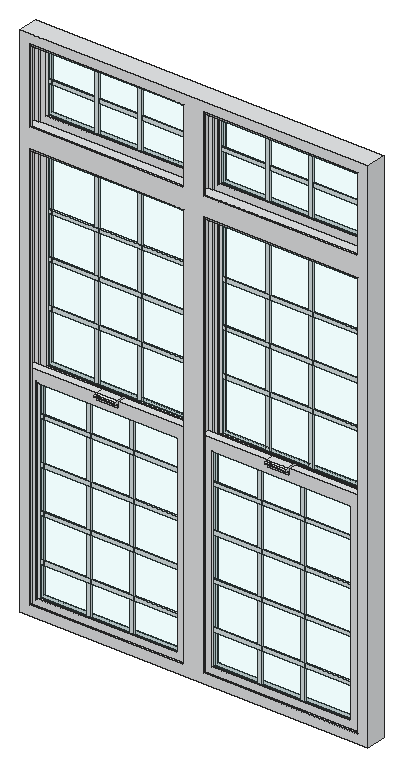
Revit family "Windows_Single-Hung_Milgard_Tuscany-Montecito-Series_Double-Single-Hung-2-Pictures-Above", category Windows, host Wall, Revit 2017
Family settings
  Host = Wall
  OmniClass Number = 23.30.20.17.17.11
  OmniClass Title = Single-Hung Windows
  Always vertical = Yes
  Cut with Voids When Loaded = No
  Shared = No
  Room Calculation Point = No
Parameters (values of type "96" x 84"")
  Youtube clip = "https://www.youtube.com/watch?v=kTycgURMhFo&list=PL_Ow8HQ0-gw77aRiTrPBSI0--vocwVnzV&index=1"
  Weight Net (Kg) = ""
  Upper Grid Height [instance] = ((Height - Picture Height) / 2) - 2 5/8" - 23/32"  # 31 5/32"
  Uniformat II Description = "Exterior Windows"
  Uniformat II Code = "B2020"
  Uniclass 2015 Name = ""
  Uniclass 2015 Code = ""
  Uniclass 2.0 Description = ""
  Uniclass 2.0 Code = ""
  Uniclass 1.4 Description = ""
  Uniclass 1.4 Code = ""
  URL = "www.milgard.com"
  UNSPSC Code = ""
  U Values URL = "https://www.milgard.com/professionals/energy-calculator"
  Technical description = "https://www.milgard.com/professionals/technical-resources?doc_type%5B%5D=48"
  Style = "Double Single Hung with Two Picture Windows Above"  # constant formula
  Solar Heat Gain Coefficient = 0
  Sash Division = Height / 2  # 42"
  Rough Width = Width + 1"  # 57"
  Rough Height = Height + 1"  # 85"
  Region South America = "None"
  Region Oceania = "None"
  Region North America = "CA, US"
  Region Middle East = "None"
  Region Europe = "None"
  Region Asia = "None"
  Region Antarctica = "None"
  Region Africa = "None"
  QR code = "http://bimobject.com/milgardwindowsanddoors/product/milgard-001"
  Product url = "http://www.milgard.com/windows/tuscany-series/tuscany-series-single-hung-window"
  Product group = "Tuscany™ Series"
  Product family = "Single-Hung Windows"
  Product data url = "https://bimobject.com/milgardwindowsanddoors/product/milgard-001"
  Product certification = "https://www.milgard.com/learn/why-milgard/sustainability"
  Product SKU = "milgard-001"
  Product Page URL = "https://www.milgard.com/windows/tuscany-series/tuscany-series-single-hung-window#series-styles--wrapper"
  Product Guid = "9f75bdfc-b521-4a0d-af9b-e80957409c86"
  Product Documentation Link = "https://www.milgard.com/professionals/technical-resources"
  Picture Height [instance] = 15"
  Picture Grid Height [instance] = Picture Height - (2 3/8" * 2)  # 10 1/4"
  OmniClass Description = "Plastic Single Hung Windows"
  OmniClass Code = "23-17 13 17 15"
  Nominal width = 0"
  Nominal height = 0"
  NBS Reference Description = ""
  NBS Reference Code = ""
  Model = "Tuscany® Series"  # constant formula
  Material secondary = "Glass"
  Material main = "Vinyl"
  Masterformat 2014 Description = "Vinyl Windows"
  Masterformat 2014 Code = "08 53 13"
  Manufacturer name = "Milgard Windows and Doors"
  Manufacturer country = "United States"
  Manufacturer = "® 2017 Milgard Manufacturing, Inc."  # constant formula
  Lower Grid Height [instance] = ((Height - Picture Height) / 2) - 2 3/8" - 5/32"  # 31 31/32"
  LEED Credit = ""
  Interior Frame Color [instance] = Paint - Milgard - White
  Installation instructions = "https://www.milgard.com/professionals/installation-finishing"
  IFC Classification = ""
  Height = 84"
  Has Triple Glazed [instance] = yes
  Has Grid [instance] = yes
  Hardware Color [instance] = Paint - Milgard - White
  Grid Widht = (Width / 2) - (2 5/8" * 2)  # 22 3/4"
  Grid Type [instance] = Grid-Milgard : Flat 5/8"
  Green Building LEED = "https://www.milgard.com/sites/default/files/leed.pdf"
  Glass Material [instance] = Glass - Milgard - P516
  Exterior Frame Color [instance] = Paint - Milgard - White
  Energy Star Zone = "https://www.milgard.com/learn/energy-efficient-windows/energy-star"
  Edition number = 1
  EAN code = ""
  Design country = "United States"
  Design Pressure = ""
  Description = "Vinyl Windows"  # constant formula
  Depth = 3 1/4"  # constant formula
  Default Sill Height = 36"
  Wall Closure = By host
  Width = 56"
  Date of publishing = "1/17/2017"
  COBIe Type Category = ""
  Brand url = "http://www.milgard.com/"
  BIMobject main category code = "windows"
  BIMobject main category = "Windows"
  BIMobject category code = "windows-hinge"
  BIMobject category = "Opening Hinge"
  Assembly Code = "B2020100"
  Approximated Vertical Grid Spacing = 7"
  Approximated Horizontal Grid Spacing = 7"
  Analytic Construction = "<None>"
Types (3): name | Upper Grid Height | Sash Division | Rough Width | Rough Height | Picture Height | Picture Grid Height | Lower Grid Height | Height | Grid Widht | Width
  56" x 60" | 19 5/32" | 30" | 57" | 61" | 15" | 10 1/4" | 19 31/32" | 60" | 22 3/4" | 56"
  36" x 60" | 21 21/32" | 30" | 37" | 61" | 10" | 5 1/4" | 22 15/32" | 60" | 12 3/4" | 36"
  96" x 84" | 31 5/32" | 42" | 57" | 85" | 15" | 10 1/4" | 31 31/32" | 84" | 22 3/4" | 56"
Reference planes (in)
  plane 1 "Center (Front/Back)": y = 4.75
  plane 2: z = 0
  plane 3 "Center (Left)": x = 0.624
  plane 4 "Left": x = -13.376
  plane 5 "Center (Left/Right)": x = 14.624
  plane 6 "Sill": z = 36
  plane 7 "Center Elevation": z = 70.5
  plane 8 "Interior": y = 3.125
  plane 9 "Exterior": y = 6.375
  plane 10: z = 70.35727
  plane 11: x = -11.01327
  plane 12: x = 12.26127
  plane 13: z = 38.36273
  plane 14: z = 71.75
  plane 15 "Grid CL Exterior": y = 5.5625
  plane 16 "Grid CL Interior": y = 3.9375
  plane 17: z = 36.97
  plane 18: x = -12.406
  plane 19: x = 13.654
  plane 20 "Picture Top": z = 120
  plane 21: z = 117.63727
  plane 22: z = 119.03
  plane 23 "Sash": z = 69.81907
  plane 24: x = 28.139
  plane 25: x = 42.624
  plane 26: x = 40.26127
  plane 27: x = 41.654
  plane 28: x = 16.98673
  plane 29: x = 15.594
  plane 30: z = 107.37273
  plane 31: z = 102.37727
  plane 32: z = 71.2118
  plane 33: z = 112.505
  plane 34: z = 86.79454
  plane 35: z = 54.36
  plane 36: z = 105
Forms (in)
  Sweep 1, solid, material "Paint - Milgard - White" <- "Exterior Frame Color", detail levels medium+fine
    path origin (0, 4.75, 0) x (1, 0, 0) y (0, 0, 1)
      loop
        line (-13.376, 36) -> (14.624, 36) -> (14.624, 120) -> (-13.376, 120) -> (-13.376, 36)
    profile origin (-13.376, 4.75, 78) x (-1, 0, 0) y (0, -1, 0)
      loop
        line (-1.54679, 1.625) -> (-1.72, 1.525) -> (-1.72, 1.44922) -> (-0.97, 1.44922) -> (-0.97, 0) -> (-1.72, 0) -> (-1.72, -0.27) -> (-0.97, -0.27) -> (-0.97, -1.19269) -> (-0.7204, -1.625) -> (0, -1.625) -> (0, 1.625) -> (-1.54679, 1.625)
  Sweep 2, solid, material "Paint - Milgard - White" <- "Exterior Frame Color", detail levels medium+fine
    path origin (0, 4.75, 0) x (1, 0, 0) y (0, 0, 1)
      loop
        line (-13.376, 103.125) -> (42.624, 103.125)
    profile origin (14.624, 4.75, 103.125) x (0, 0, 1) y (0, -1, 0)
      loop
        line (3.32679, 1.625) -> (0.17321, 1.625) -> (0, 1.525) -> (0, 1.38) -> (0.3755, 1.38) -> (0.3755, 0.10548) -> (0, 0.10548) -> (0, -0.20703) -> (0.645, -0.20703) -> (0.645, -1.05482) -> (0.9996, -1.625) -> (2.5004, -1.625) -> (2.855, -1.05482) -> (2.855, -0.17578) -> (3.5, -0.17578) -> (3.5, 1.525) -> (3.32679, 1.625)
  Sweep 3, solid, material "Paint - Milgard - White" <- "Exterior Frame Color", detail levels medium+fine
    path origin (45.998, 4.75, 0) x (-1, 0, 0) y (0, 0, 1)
      loop
        line (3.374, 36) -> (31.374, 36) -> (31.374, 120) -> (3.374, 120) -> (3.374, 36)
    profile origin (42.624, 4.75, 78) x (-1, 0, 0) y (0, -1, 0)
      loop
        line (1.54679, 1.625) -> (0, 1.625) -> (0, -1.625) -> (0.7204, -1.625) -> (0.97, -1.19269) -> (0.97, -0.27) -> (1.72, -0.27) -> (1.72, 0) -> (0.97, 0) -> (0.97, 1.44922) -> (1.72, 1.44922) -> (1.72, 1.525) -> (1.54679, 1.625)
  Sweep 4, solid, material "Paint - Milgard - White" <- "Exterior Frame Color", detail levels coarse
    path in 3D
      loop
        line (-13.376, 6.375, 36) -> (42.624, 6.375, 36)
    profile origin (14.624, 6.375, 36) x (0, 1, 0) y (0, 0, 1)
      loop
        line (0, 0) -> (0, 1.72) -> (-3.25, 1.72) -> (-3.25, 0) -> (0, 0)
  Extrusion 5, solid, material "Paint - Milgard - White", detail levels coarse
    sketch origin (-13.376, 3.125, 103.29821) x (1, 0, 0) y (0, 0, 1)
      loop
        line (0, 16.70179) -> (0, -67.29821) -> (56, -67.29821) -> (56, 16.70179) -> (0, 16.70179)
      loop
        line (2.88032, 13.82147) -> (2.88032, 4.59212) -> (25.11968, 4.59212) -> (25.11968, 13.82147) -> (2.88032, 13.82147)
      loop
        line (53.11968, 4.59212) -> (53.11968, 13.82147) -> (30.88032, 13.82147) -> (30.88032, 4.59212) -> (53.11968, 4.59212)
      loop
        line (53.11968, -31.56881) -> (53.11968, -1.43853) -> (30.88032, -1.43853) -> (30.88032, -31.56881) -> (53.11968, -31.56881)
      loop
        line (25.11968, -1.43853) -> (2.88032, -1.43853) -> (2.88032, -31.56881) -> (25.11968, -31.56881) -> (25.11968, -1.43853)
      loop
        line (2.88032, -64.41788) -> (25.11968, -64.41788) -> (25.11968, -33.45853) -> (2.88032, -33.45853) -> (2.88032, -64.41788)
      loop
        line (53.11968, -64.41788) -> (53.11968, -33.45853) -> (30.88032, -33.45853) -> (30.88032, -64.41788) -> (53.11968, -64.41788)
    from -3.25 to -0.01176
Cuts and joins
  joined: Sweep 1, Sweep 2, Sweep 3
Lines and regions (in)
  Opening 1
    outline origin (-60, -5.625, 0) x (1, 0, 0) y (0, 0, 1)
      loop
        line (46.624, 120) -> (46.624, 36) -> (102.624, 36) -> (102.624, 120) -> (46.624, 120)
  Masking region 1
    outline origin (0, 0, 0) x (1, 0, 0) y (0, 1, 0)
      loop
        line (-13.376, 6.375) -> (-13.376, 3.125) -> (42.624, 3.125) -> (42.624, 6.375) -> (-13.376, 6.375)
  symbolic lines, style "Windows", detail levels medium+fine
    curve 1: line (-12.406, 6.16797, 36) -> (13.654, 6.16797, 36)
    curve 2: line (-12.406, 3.30078, 36) -> (13.654, 3.30078, 36)
    curve 12: line (41.654, 6.16797, 36) -> (15.594, 6.16797, 36)
    curve 13: line (41.654, 3.30078, 36) -> (15.594, 3.30078, 36)
  symbolic lines, style "Windows"
    curve 3: line (-12.406, 4.75, 36) -> (13.654, 4.75, 36)
    curve 4: line (-12.406, 6.375, 36) -> (-12.406, 3.125, 36)
    curve 5: line (13.654, 6.375, 36) -> (13.654, 3.125, 36)
    curve 10: line (41.654, 6.375, 36) -> (41.654, 3.125, 36)
    curve 14: line (41.654, 4.75, 36) -> (15.594, 4.75, 36)
    curve 17: line (15.594, 6.375, 36) -> (15.594, 3.125, 36)
  symbolic lines, style "WindowsFrameMullionProjection", detail levels medium+fine
    curve 6: line (-11.01327, 6.16797, 36) -> (-11.01327, 3.30078, 36)
    curve 7: line (12.26127, 6.16797, 36) -> (12.26127, 3.30078, 36)
    curve 11: line (40.26127, 6.16797, 36) -> (40.26127, 3.30078, 36)
    curve 18: line (16.98673, 6.16797, 36) -> (16.98673, 3.30078, 36)
  symbolic lines, style "Windows", detail levels fine
    curve 8: line (-11.01327, 5.5625, 36) -> (12.26127, 5.5625, 36)
    curve 9: line (-11.01327, 3.9375, 36) -> (12.26127, 3.9375, 36)
    curve 15: line (40.26127, 5.5625, 36) -> (16.98673, 5.5625, 36)
    curve 16: line (40.26127, 3.9375, 36) -> (16.98673, 3.9375, 36)
  sketch lines
    curve 19: line (-13.376, 6.375, 36) -> (42.624, 6.375, 36)
Text (in)
  text "EXTERIOR" at (-61.17835, 22.13118, 0), in view "Ref. Level"
  text "INTERIOR" at (-61.17835, -12.83634, 0), in view "Ref. Level"
  text "Exterior" at (0, 43.65631, 123.19604), in view "Left"
  text "Exterior" at (0, 18.29385, 125.04747), in view "Right"
Dimensions and locks (in)
  equal spacing: plane 4 "Left", plane 3 "Center (Left)", plane 5 "Center (Left/Right)"
  "Width": plane 4 "Left" to plane 25
  equal spacing: plane 9 "Exterior", plane 1 "Center (Front/Back)", plane 8 "Interior"
  "Depth": plane 9 "Exterior" to plane 8 "Interior"
  equal spacing: plane 9 "Exterior", plane 15 "Grid CL Exterior", plane 1 "Center (Front/Back)", locked at 0.8125 each
  equal spacing: plane 8 "Interior", plane 16 "Grid CL Interior", plane 1 "Center (Front/Back)", locked at 0.8125 each
  locked: nested 2 to plane 9 "Exterior" at 0.20703
  locked: Sweep 1 sketch curve to Sweep 1 sketch curve at 3.25
  locked: Sweep 1 to curve 2 at 0.17578
  "Picture Height": plane 20 "Picture Top" to plane 36
  "Height": plane 20 "Picture Top" to plane 6 "Sill"
  locked: plane 13 to plane 6 "Sill" at 2.36273
  locked: plane 20 "Picture Top" to plane 21 at 2.36273
  locked: plane 17 to plane 6 "Sill" at 0.97
  locked: plane 20 "Picture Top" to plane 22 at 0.97
  "Default Sill Height": plane 6 "Sill" to plane 2
  locked: Sweep 3 sketch curve to Sweep 3 sketch curve at 3.25
  equal spacing: plane 18, plane 5 "Center (Left/Right)", plane 27
  equal spacing: plane 5 "Center (Left/Right)", plane 24, plane 27
  plane 14 to plane 7 "Center Elevation" to plane 23 "Sash" = 1 1/4" locked, 0.68093" locked
  locked: plane 7 "Center Elevation" to plane 10 at 0.14273
  locked: plane 32 to plane 7 "Center Elevation" at 0.7118
  equal spacing: plane 21, plane 33, plane 30
  equal spacing: plane 31, plane 34, plane 32
  equal spacing: plane 10, plane 35, plane 13
  plane 6 "Sill" to plane 13 = 2.36273"
  equal spacing: plane 36, plane 7 "Center Elevation", plane 6 "Sill"
  plane 30 to plane 36 to plane 31 = 2.37273" locked, 2.62273" locked
  plane 19 to plane 5 "Center (Left/Right)" to plane 29 = 0.97" locked, 0.97" locked
  plane 12 to plane 5 "Center (Left/Right)" to plane 28 = 2.36273" locked, 2.36273" locked
  locked: plane 4 "Left" to plane 18 at 0.97
  locked: plane 4 "Left" to plane 11 at 2.36273
  locked: plane 27 to plane 25 at 0.97
  locked: plane 26 to plane 25 at 2.36273
  locked: plane 36 to Sweep 2 sketch curve at 1.875
  locked: nested 3 to plane 16 "Grid CL Interior" at 0.63672
  Sweep 2 sketch curve to plane 36 to Sweep 2 sketch curve = 0.98" locked, 1.23" locked
  aligned and locked: plane 6 "Sill" to Opening 1 sketch curve  (x2)
  aligned and locked: plane 4 "Left" to Opening 1 sketch curve
  aligned and locked: Sweep 1 sketch curve to plane 4 "Left"
  aligned and locked: plane 5 "Center (Left/Right)" to Sweep 1 sketch curve
  aligned and locked: Sweep 1 sketch curve to plane 6 "Sill"
  aligned: nested 1 to plane 13
  aligned: plane 14 to nested 1  (x4)
  aligned: plane 11 to nested 2
  aligned: plane 12 to nested 2
  aligned: nested 2 to plane 10  (x2)
  aligned and locked: host wall to plane 9 "Exterior"
  aligned: plane 15 "Grid CL Exterior" to nested 2
  aligned: nested 1 to plane 16 "Grid CL Interior"
  aligned: nested 1 to nested 3
  aligned and locked: nested 1 to plane 16 "Grid CL Interior"  (x2)
  aligned and locked: plane 15 "Grid CL Exterior" to nested 2  (x2)
  aligned: plane 13 to nested 1
  aligned: nested 1 to Sweep 1
  aligned: nested 2 to Sweep 1
  aligned and locked: plane 3 "Center (Left)" to nested 3
  aligned and locked: Sweep 1 sketch curve to profile plane
  aligned and locked: plane 8 "Interior" to Sweep 1 sketch curve
  aligned: nested 2 to plane 18
  aligned: nested 2 to plane 19
  aligned: nested 1 to plane 19
  aligned: nested 1 to plane 18
  aligned: plane 17 to nested 1
  aligned and locked: level to plane 2
  aligned: plane 10 to nested 2
  aligned and locked: nested 3 to nested 1
  aligned and locked: plane 1 "Center (Front/Back)" to curve 3
  aligned and locked: plane 9 "Exterior" to curve 4
  aligned and locked: Sweep 1 to curve 4
  aligned and locked: plane 9 "Exterior" to curve 5
  aligned and locked: plane 8 "Interior" to curve 5
  aligned and locked: nested 2 to curve 6
  aligned and locked: curve 2 to curve 6
  aligned and locked: curve 1 to curve 7
  aligned and locked: plane 11 to curve 8
  aligned and locked: plane 12 to curve 8
  aligned and locked: plane 15 "Grid CL Exterior" to curve 8
  aligned and locked: plane 11 to curve 9
  aligned and locked: plane 12 to curve 9
  aligned and locked: curve 9 to plane 16 "Grid CL Interior"
  aligned and locked: Sweep 1 sketch curve to plane 20 "Picture Top"
  aligned and locked: Opening 1 sketch curve to plane 20 "Picture Top"
  aligned: nested 6 to plane 19
  aligned: nested 6 to plane 18
  aligned: plane 22 to nested 6
  aligned and locked: plane 4 "Left" to Sweep 2 sketch curve
  aligned: cut or joined group of Sweep 1, Sweep 2, Sweep 3 to nested 6
  aligned: nested 2 to cut or joined group of Sweep 1, Sweep 2, Sweep 3
  aligned and locked: nested 1 to plane 19
  aligned and locked: nested 1 to plane 18
  aligned and locked: plane 17 to nested 1
  aligned and locked: plane 14 to nested 1
  aligned and locked: nested 2 to plane 18
  aligned and locked: nested 2 to plane 19
  aligned and locked: nested 6 to plane 19
  aligned and locked: nested 6 to plane 18
  aligned and locked: cut or joined group of Sweep 1, Sweep 2, Sweep 3 to nested 6
  aligned and locked: nested 2 to cut or joined group of Sweep 1, Sweep 2, Sweep 3
  aligned and locked: plane 23 "Sash" to nested 2
  aligned and locked: Sweep 3 sketch curve to profile plane
  aligned and locked: plane 25 to Sweep 2 sketch curve
  aligned and locked: Opening 1 sketch curve to plane 25
  aligned and locked: plane 29 to nested 8
  aligned and locked: plane 27 to nested 8
  aligned and locked: plane 22 to nested 6
  aligned and locked: nested 5 to plane 35
  aligned: plane 3 "Center (Left)" to nested 1
  aligned and locked: nested 4 to plane 34
  aligned: plane 3 "Center (Left)" to nested 2
  aligned and locked: nested 7 to plane 33
  aligned and locked: plane 3 "Center (Left)" to nested 7
  aligned and locked: Masking region 1 sketch curve to plane 9 "Exterior"
  aligned and locked: plane 8 "Interior" to Masking region 1 sketch curve
  aligned and locked: Masking region 1 sketch curve to plane 4 "Left"
  aligned and locked: Masking region 1 sketch curve to plane 25
  aligned and locked: plane 24 to nested 12
  aligned and locked: plane 24 to nested 11
  aligned and locked: plane 24 to nested 13
  aligned and locked: nested 13 to plane 33
  aligned and locked: nested 11 to plane 34
  aligned and locked: nested 12 to plane 35
  aligned and locked: nested 8 to cut or joined group of Sweep 1, Sweep 2, Sweep 3
  aligned and locked: nested 9 to cut or joined group of Sweep 1, Sweep 2, Sweep 3
  aligned and locked: nested 10 to plane 14
  aligned and locked: nested 9 to plane 23 "Sash"
  aligned and locked: nested 10 to plane 17
  aligned and locked: plane 22 to nested 8
  aligned and locked: plane 24 to nested 14
  aligned and locked: plane 14 to nested 14
  aligned and locked: nested 14 to nested 10
  aligned and locked: plane 29 to nested 10
  aligned and locked: plane 29 to nested 9
  aligned and locked: plane 18 to curve 4
  aligned and locked: plane 27 to nested 10
  aligned and locked: plane 27 to nested 9
  aligned and locked: plane 19 to curve 5
  aligned and locked: curve 17 to plane 29
  aligned and locked: plane 28 to curve 18
  aligned and locked: plane 29 to curve 12
  aligned and locked: plane 26 to curve 11
  aligned and locked: curve 10 to plane 27
  aligned and locked: curve 14 to plane 1 "Center (Front/Back)"
  aligned and locked: plane 15 "Grid CL Exterior" to nested 8
  aligned and locked: plane 16 "Grid CL Interior" to curve 16
  aligned and locked: curve 15 to plane 15 "Grid CL Exterior"
  aligned and locked: plane 3 "Center (Left)" to nested 4
  aligned and locked: plane 3 "Center (Left)" to nested 5
  aligned and locked: plane 5 "Center (Left/Right)" to Sweep 3 sketch curve
  aligned and locked: plane 25 to Sweep 3 sketch curve
  aligned and locked: plane 20 "Picture Top" to Sweep 3 sketch curve
  aligned and locked: plane 6 "Sill" to Sweep 3 sketch curve
  aligned and locked: Sweep 3 sketch curve to plane 8 "Interior"
  aligned and locked: Sweep 3 sketch curve to plane 27
  aligned and locked: plane 27 to Sweep 3 sketch curve
  aligned and locked: plane 15 "Grid CL Exterior" to nested 6
  aligned and locked: nested 9 to plane 15 "Grid CL Exterior"
  aligned and locked: plane 16 "Grid CL Interior" to nested 10
  aligned and locked: plane 8 "Interior" to Sweep 2 sketch curve
  aligned and locked: plane 9 "Exterior" to Sweep 2 sketch curve
  aligned and locked: Sweep 4 sketch curve to cut or joined group of Sweep 1, Sweep 2, Sweep 3
  aligned and locked: Extrusion 5 sketch curve to cut or joined group of Sweep 1, Sweep 2, Sweep 3  (x4)
  aligned and locked: Extrusion 5 sketch curve to nested 6  (x4)
  aligned and locked: Extrusion 5 sketch curve to nested 8  (x4)
  aligned and locked: Extrusion 5 sketch curve to nested 9  (x4)
  aligned and locked: Extrusion 5 sketch curve to nested 2  (x4)
  aligned and locked: Extrusion 5 sketch curve to nested 1  (x4)
  aligned and locked: Extrusion 5 sketch curve to nested 10  (x4)
  aligned and locked: Extrusion 5 to cut or joined group of Sweep 1, Sweep 2, Sweep 3
  aligned and locked: Extrusion 5 to nested 3
Automatic sketch dimensions
  plane 1 "Center (Front/Back)" to Sweep 1 sketch curve = 0"
  profile plane to Sweep 1 sketch curve = 0.7204"
  profile plane to Sweep 1 sketch curve = 0.97"
  Sweep 1 sketch curve to Sweep 1 sketch curve = 0.2496"
  Sweep 1 sketch curve to Sweep 1 sketch curve = 0.57679"
  Sweep 1 sketch curve to Sweep 1 sketch curve = 0.17321"
  Sweep 1 sketch curve to plane 1 "Center (Front/Back)" = 0.27"
  Sweep 1 sketch curve to Sweep 1 sketch curve = 3/4"
  Sweep 1 sketch curve to Sweep 1 sketch curve = 0.43231"
  Sweep 1 sketch curve to Sweep 1 sketch curve = 45/256"
  Sweep 1 sketch curve to Sweep 1 sketch curve = 0.07578"
  plane 1 "Center (Front/Back)" to Sweep 3 sketch curve = 0"
  Sweep 3 sketch curve to profile plane = 0.7204"
  Sweep 3 sketch curve to Sweep 3 sketch curve = 0.57679"
  Sweep 3 sketch curve to Sweep 3 sketch curve = 3/4"
  Sweep 3 sketch curve to Sweep 3 sketch curve = 0.17321"
  Sweep 3 sketch curve to plane 1 "Center (Front/Back)" = 0.27"
  Sweep 3 sketch curve to Sweep 3 sketch curve = 0.43231"
  Sweep 3 sketch curve to Sweep 3 sketch curve = 45/256"
  Sweep 3 sketch curve to Sweep 3 sketch curve = 0.07578"
  profile plane to Sweep 2 sketch curve = 0"  (x2)
  Sweep 2 sketch curve to profile plane = 0.17321"
  Sweep 2 sketch curve to Sweep 2 sketch curve = 0.20229"
  Sweep 2 sketch curve to Sweep 2 sketch curve = 0.3546"  (x2)
  Sweep 2 sketch curve to Sweep 2 sketch curve = 0.47179"
  Sweep 2 sketch curve to plane 1 "Center (Front/Back)" = 45/256"
  Sweep 2 sketch curve to Sweep 2 sketch curve = 0.645"
  Sweep 2 sketch curve to plane 1 "Center (Front/Back)" = 1.05482"
  Sweep 2 sketch curve to Sweep 2 sketch curve = 0.57018"
  Sweep 2 sketch curve to plane 1 "Center (Front/Back)" = 53/256"
  plane 1 "Center (Front/Back)" to Sweep 2 sketch curve = 27/256"
  Sweep 2 sketch curve to Sweep 2 sketch curve = 0.145"
  plane 1 "Center (Front/Back)" to Sweep 2 sketch curve = 1.525"
  Sweep 2 sketch curve to Sweep 2 sketch curve = 0.1"
  curve 10 to host wall = 0"
  curve 17 to host wall = 0"
  curve 17 to plane 8 "Interior" = 0"
  curve 10 to plane 8 "Interior" = 0"
  curve 12 to host wall = 53/256"
  curve 13 to curve 17 = 45/256"
  Sweep 4 sketch curve to profile plane = 0"  (x2)
  profile plane to Sweep 4 sketch curve = 3 1/4"
Nested families (in)
  nested 1: "Sash-Milgard-Single _Hung" at (0.624, 3.9375, 54.36) x (1, 0, 0) z (0, -1, 0), Sash Color <- "Exterior Frame Color", Interior Frame Color <- "Interior Frame Color", type "By type", detail levels medium+fine
    with Width 26.06", Sash Color Paint - Milgard - White, Interior Frame Color Paint - Milgard - White, Height 34.78", Grid Width 22.31", Grid Height 31.28", Depth 1 35/128"
  nested 2: "Sash-Milgard-Single _Hung" at (0.624, 5.5625, 86.79454) x (1, 0, 0) z (0, -1, 0), Sash Color <- "Exterior Frame Color", Interior Frame Color <- "Interior Frame Color", type "By type", detail levels medium+fine
    with Width 26.06", Sash Color Paint - Milgard - White, Interior Frame Color Paint - Milgard - White, Height 33.95093", Grid Width 22.31", Grid Height 30.45093", Depth 1 27/128"
  nested 3: "Lock-Streamlined" at (0.624, 3.30078, 71.75), Hardware Color <- "Hardware Color", type "By type", detail levels fine
    with Hardware Color Paint - Milgard - White
  nested 4: "Grid-Milgard" at (0.624, 5.5625, 86.79454) x (1, 0, 0) z (0, -1, 0), type <- "Grid Type", visible <- "Has Grid", Grid Material <- "Exterior Frame Color", Height <- "Upper Grid Height", Width <- "Grid Widht", Y Grid Spacing <- "Approximated Vertical Grid Spacing", X Grid Spacing <- "Approximated Horizontal Grid Spacing", Interior Frame Color <- "Interior Frame Color", type "Flat 5/8""
    with Y Single Grid no, Y Multiple Grid yes, Y Grid Spacing 7", Y Grid Qty 3, Y Grid Location 7", Y Grid Array 3, X Single Grid no, X Multiple Grid yes, X Grid Spacing 7", X Grid Qty 2, X Grid Location 3 1/2", X Grid Array 2, Width 22 3/4", Interior Frame Color Paint - Milgard - White, Height 31 5/32", Grid Material Paint - Milgard - White
  nested 5: "Grid-Milgard" at (0.624, 3.9375, 54.36) x (1, 0, 0) z (0, -1, 0), type <- "Grid Type", visible <- "Has Grid", Grid Material <- "Exterior Frame Color", Height <- "Lower Grid Height", Width <- "Grid Widht", Y Grid Spacing <- "Approximated Vertical Grid Spacing", X Grid Spacing <- "Approximated Horizontal Grid Spacing", Interior Frame Color <- "Interior Frame Color", type "Flat 5/8""
    with Y Single Grid no, Y Multiple Grid yes, Y Grid Spacing 7", Y Grid Qty 4, Y Grid Location 10 1/2", Y Grid Array 4, X Single Grid no, X Multiple Grid yes, X Grid Spacing 7", X Grid Qty 2, X Grid Location 3 1/2", X Grid Array 2, Width 22 3/4", Interior Frame Color Paint - Milgard - White, Height 31 31/32", Grid Material Paint - Milgard - White
  nested 6: "Sash-Milgard-Single _Hung" at (0.624, 5.5625, 112.505) x (1, 0, 0) z (0, -1, 0), Sash Color <- "Exterior Frame Color", Interior Frame Color <- "Interior Frame Color", type "By type", detail levels medium+fine
    with Width 26.06", Sash Color Paint - Milgard - White, Interior Frame Color Paint - Milgard - White, Height 13.05", Grid Width 22.31", Grid Height 9.55", Depth 1 35/128"
  nested 7: "Grid-Milgard" at (0.624, 5.5625, 112.505) x (1, 0, 0) z (0, -1, 0), type <- "Grid Type", visible <- "Has Grid", Grid Material <- "Exterior Frame Color", Height <- "Picture Grid Height", Width <- "Grid Widht", Y Grid Spacing <- "Approximated Vertical Grid Spacing", X Grid Spacing <- "Approximated Horizontal Grid Spacing", Interior Frame Color <- "Interior Frame Color", type "Flat 5/8""
    with Y Single Grid yes, Y Multiple Grid no, Y Grid Spacing 7", Y Grid Qty 1, Y Grid Location 0", Y Grid Array 2, X Single Grid no, X Multiple Grid yes, X Grid Spacing 7", X Grid Qty 2, X Grid Location 3 1/2", X Grid Array 2, Width 22 3/4", Interior Frame Color Paint - Milgard - White, Height 10 1/4", Grid Material Paint - Milgard - White
  nested 8: "Sash-Milgard-Single _Hung" at (28.624, 5.5625, 112.505) x (1, 0, 0) z (0, -1, 0), Sash Color <- "Exterior Frame Color", Interior Frame Color <- "Interior Frame Color", type "By type", detail levels medium+fine
    with Width 26.06", Sash Color Paint - Milgard - White, Interior Frame Color Paint - Milgard - White, Height 13.05", Grid Width 22.31", Grid Height 9.55", Depth 1 35/128"
  nested 9: "Sash-Milgard-Single _Hung" at (28.624, 5.5625, 86.79454) x (-1, 0, 0) z (0, -1, 0), Sash Color <- "Exterior Frame Color", Interior Frame Color <- "Interior Frame Color", type "By type", detail levels medium+fine
    with Width 26.06", Sash Color Paint - Milgard - White, Interior Frame Color Paint - Milgard - White, Height 33.95093", Grid Width 22.31", Grid Height 30.45093", Depth 1 27/128"
  nested 10: "Sash-Milgard-Single _Hung" at (28.624, 3.9375, 54.36) x (-1, 0, 0) z (0, -1, 0), Sash Color <- "Exterior Frame Color", Interior Frame Color <- "Interior Frame Color", type "By type", detail levels medium+fine
    with Width 26.06", Sash Color Paint - Milgard - White, Interior Frame Color Paint - Milgard - White, Height 34.78", Grid Width 22.31", Grid Height 31.28", Depth 1 35/128"
  nested 11: "Grid-Milgard" at (28.139, 5.5625, 86.79454) x (1, 0, 0) z (0, -1, 0), type <- "Grid Type", visible <- "Has Grid", Grid Material <- "Exterior Frame Color", Height <- "Upper Grid Height", Width <- "Grid Widht", Y Grid Spacing <- "Approximated Vertical Grid Spacing", X Grid Spacing <- "Approximated Horizontal Grid Spacing", Interior Frame Color <- "Interior Frame Color", type "Flat 5/8""
    with Y Single Grid no, Y Multiple Grid yes, Y Grid Spacing 7", Y Grid Qty 3, Y Grid Location 7", Y Grid Array 3, X Single Grid no, X Multiple Grid yes, X Grid Spacing 7", X Grid Qty 2, X Grid Location 3 1/2", X Grid Array 2, Width 22 3/4", Interior Frame Color Paint - Milgard - White, Height 31 5/32", Grid Material Paint - Milgard - White
  nested 12: "Grid-Milgard" at (28.139, 3.9375, 54.36) x (1, 0, 0) z (0, -1, 0), type <- "Grid Type", visible <- "Has Grid", Grid Material <- "Exterior Frame Color", Height <- "Lower Grid Height", Width <- "Grid Widht", Y Grid Spacing <- "Approximated Vertical Grid Spacing", X Grid Spacing <- "Approximated Horizontal Grid Spacing", Interior Frame Color <- "Interior Frame Color", type "Flat 5/8""
    with Y Single Grid no, Y Multiple Grid yes, Y Grid Spacing 7", Y Grid Qty 4, Y Grid Location 10 1/2", Y Grid Array 4, X Single Grid no, X Multiple Grid yes, X Grid Spacing 7", X Grid Qty 2, X Grid Location 3 1/2", X Grid Array 2, Width 22 3/4", Interior Frame Color Paint - Milgard - White, Height 31 31/32", Grid Material Paint - Milgard - White
  nested 13: "Grid-Milgard" at (28.139, 5.5625, 112.505) x (1, 0, 0) z (0, -1, 0), type <- "Grid Type", visible <- "Has Grid", Grid Material <- "Exterior Frame Color", Height <- "Picture Grid Height", Width <- "Grid Widht", Y Grid Spacing <- "Approximated Vertical Grid Spacing", X Grid Spacing <- "Approximated Horizontal Grid Spacing", Interior Frame Color <- "Interior Frame Color", type "Flat 5/8""
    with Y Single Grid yes, Y Multiple Grid no, Y Grid Spacing 7", Y Grid Qty 1, Y Grid Location 0", Y Grid Array 2, X Single Grid no, X Multiple Grid yes, X Grid Spacing 7", X Grid Qty 2, X Grid Location 3 1/2", X Grid Array 2, Width 22 3/4", Interior Frame Color Paint - Milgard - White, Height 10 1/4", Grid Material Paint - Milgard - White
  nested 14: "Lock-Streamlined" at (28.139, 3.30078, 71.75) x (-1, 0, 0) z (0, 0, 1), Hardware Color <- "Hardware Color", type "By type", detail levels fine
    with Hardware Color Paint - Milgard - White
Definition of nested family "Sash-Milgard-Single _Hung"
  Parameters (values of type "By type")
    Width [instance] = 48"
    Sash Color [instance] = none
    Interior Frame Color [instance] = none
    Height [instance] = 48"
    Grid Width [instance] = Width - 3 3/4"  # 44 1/4"
    Grid Height [instance] = Height - 3 1/2"  # 44 1/2"
    Glass Material = none
    Depth [instance] = 1 35/128"
    Default Elevation = 48"
    Assembly Code = ""
    Analytic Construction = "<None>"
  Reference planes (in)
    plane 1 "Center (Front/Back)": y = 0
    plane 2: z = 0
    plane 3 "Center (Left/Right)": x = 0
    plane 4 "Left": x = -24
    plane 5 "Right": x = 24
    plane 6 "Top": y = 24
    plane 7 "Bottom": y = -24
    plane 8 "Front": z = 0.63672
    plane 9 "Back": z = -0.63672
    plane 10: y = 22.60727
    plane 11: y = -22.60727
    plane 12: x = 22.60727
    plane 13: x = -22.60727
    plane 14 "Grid Plane 1": x = -22.09619
    plane 15 "Grid Plane 2": x = 22.09619
    plane 16 "Grid Plane 3": y = 22.09619
    plane 17 "Grid Plane 4": y = -22.09619
  Forms (in)
    Sweep 1, solid, material <- "Sash Color"
      path origin (0, 0, 0) x (1, 0, 0) y (0, 1, 0)
        loop
          line (-24, 24) -> (-24, -24) -> (24, -24) -> (24, 24) -> (-24, 24)
      profile origin (-24, 0, 0) x (1, 0, 0) y (0, 0, 1)
        loop
          line (0, 0.63672) -> (0, -0.63672) -> (1.80668, -0.63672) -> (1.91032, -0.4572) -> (1.39273, -0.4572) -> (1.39273, 0.48759) -> (1.90381, 0.48759) -> (1.81771, 0.63672) -> (0, 0.63672)
    Extrusion 2, solid, material <- "Glass Material"
      sketch origin (0, 0, 0) x (0, 1, 0) y (0, 0, 1)
        loop
          line (22.60727, 0.48759) -> (-22.60727, 0.48759) -> (-22.60727, 0.36259) -> (22.60727, 0.36259) -> (22.60727, 0.48759)
        loop
          line (22.60727, -0.4572) -> (22.60727, -0.3322) -> (-22.60727, -0.3322) -> (-22.60727, -0.4572) -> (22.60727, -0.4572)
      from -22.60727 to 22.60727
  Dimensions and locks (in)
    equal spacing: plane 4 "Left", plane 3 "Center (Left/Right)", plane 5 "Right"
    "Width": plane 4 "Left" to plane 5 "Right"
    equal spacing: plane 8 "Front", level, plane 9 "Back"
    "Depth": plane 8 "Front" to plane 9 "Back"
    equal spacing: plane 6 "Top", plane 1 "Center (Front/Back)", plane 7 "Bottom"
    "Height": plane 6 "Top" to plane 7 "Bottom"
    Extrusion 2 sketch curve to Sweep 1 = 1/8"  (x2)
    locked: plane 6 "Top" to plane 10 at 1.39273
    locked: plane 11 to plane 7 "Bottom" at 1.39273
    locked: plane 12 to plane 5 "Right" at 1.39273
    locked: plane 4 "Left" to plane 13 at 1.39273
    locked: plane 13 to plane 14 "Grid Plane 1" at 0.51107
    locked: plane 15 "Grid Plane 2" to plane 12 at 0.51107
    locked: plane 10 to plane 16 "Grid Plane 3" at 0.51107
    locked: plane 17 "Grid Plane 4" to plane 11 at 0.51107
    aligned and locked: profile plane to Sweep 1 sketch curve
    aligned and locked: Sweep 1 to plane 8 "Front"
    aligned and locked: Sweep 1 to plane 9 "Back"
    aligned and locked: Sweep 1 sketch curve to plane 6 "Top"
    aligned and locked: Sweep 1 sketch curve to plane 7 "Bottom"
    aligned and locked: Sweep 1 sketch curve to plane 4 "Left"
    aligned and locked: Sweep 1 sketch curve to plane 5 "Right"
    aligned and locked: plane 10 to Extrusion 2  (x2)
    aligned and locked: Extrusion 2 to plane 11  (x2)
    aligned and locked: plane 13 to Extrusion 2
    aligned and locked: plane 12 to Extrusion 2
  Automatic sketch dimensions
    level to Sweep 1 sketch curve = 0.48759"
    Sweep 1 sketch curve to profile plane = 1.39273"
    Sweep 1 sketch curve to level = 163/256"
    Sweep 1 sketch curve to Sweep 1 sketch curve = 0.41395"
    Sweep 1 sketch curve to Sweep 1 sketch curve = 0.42497"
    Sweep 1 sketch curve to Sweep 1 sketch curve = 0.0861"
    Sweep 1 sketch curve to level = 0.4572"
    Sweep 1 sketch curve to Sweep 1 sketch curve = 0.10364"
    Sweep 1 sketch curve to Sweep 1 sketch curve = 0.14913"
    Extrusion 2 sketch curve to plane 11 = 0"  (x2)
    Extrusion 2 sketch curve to plane 10 = 0"  (x2)
    Extrusion 2 sketch curve to Extrusion 2 sketch curve = 1/8"  (x2)
Definition of nested family "Lock-Streamlined"
  Parameters
    Hardware Color [instance] = none
    Default Elevation = 48"
    Assembly Code = ""
  Reference planes (in)
    plane 1 "Center (Front/Back)": y = 0
    plane 2: z = 0
    plane 3 "Center (Left/Right)": x = 0
  Forms (in)
    Extrusion 1, solid, material <- "Hardware Color"
      sketch origin (0, 0, 0) x (0, 1, 0) y (0, 0, 1)
        loop
          line (1.289, 0) -> (1.289, 0.1) -> (1.02348, 0.19834) -> (-0.16402, 0.19834) -> (-0.53109, 0.04253)
          arc (-0.53109, 0.04253) -> (-0.61252, -0.02474) -> (-0.64397, -0.12558) r 0.1853
          arc (-0.64397, -0.12558) -> (-0.60725, -0.24624) -> (-0.49642, -0.30645) r 0.16635
          line (-0.49642, -0.30645) -> (-0.17485, -0.30645)
          arc (-0.17485, -0.30645) -> (-0.13606, -0.32252) -> (-0.12, -0.3613) r 0.05485
          line (-0.12, -0.3613) -> (-0.12, -0.59691) -> (-0.07, -0.86691) -> (0, -0.86691) -> (0, 0) -> (1.289, 0)
      from -1.69 to 1.69
Definition of nested family "Grid-Milgard"
  Parameters
    Y Single Grid [instance] = Y Grid Qty = 1  # no
    Y Multiple Grid [instance] = Y Grid Qty > 1  # yes
    Y Grid Spacing [instance] = 10"
    Y Grid Qty [instance] = if(Height < 15", (Height / Y Grid Spacing), (Height / Y Grid Spacing) - 1)  # 3
    Y Grid Location [instance] = ((Y Grid Qty - 1) * Y Grid Spacing) / 2  # 10"
    Y Grid Array [instance] = if(Y Grid Qty = 1, Y Grid Qty + 1, Y Grid Qty)  # 3
    X Single Grid [instance] = X Grid Qty = 1  # no
    X Multiple Grid [instance] = X Grid Qty > 1  # yes
    X Grid Spacing [instance] = 10"
    X Grid Qty [instance] = if(Width < 15", (Width / X Grid Spacing), (Width / X Grid Spacing) - 1)  # 3
    X Grid Location [instance] = ((X Grid Qty - 1) * X Grid Spacing) / 2  # 10"
    X Grid Array [instance] = if(X Grid Qty = 1, X Grid Qty + 1, X Grid Qty)  # 3
    Width [instance] = 40"
    Interior Frame Color [instance] = none
    Height [instance] = 40"
    Grid Option = Grid_Bar-Milgard-Flat : 5/8"
    Grid Material [instance] = none
    Default Elevation = 48"
    Assembly Code = ""
  Reference planes (in)
    plane 1 "Center (Front/Back)": y = 0
    plane 2: z = 0
    plane 3 "Center (Left/Right)": x = 0
    plane 4 "Left": x = -20
    plane 5 "Right": x = 20
    plane 6 "Top": y = 20
    plane 7 "Bottom": y = -20
  Dimensions and locks (in)
    equal spacing: plane 4 "Left", plane 3 "Center (Left/Right)", plane 5 "Right"
    equal spacing: plane 6 "Top", plane 1 "Center (Front/Back)", plane 7 "Bottom"
    "Width": plane 4 "Left" to plane 5 "Right"
    "Height": plane 6 "Top" to plane 7 "Bottom"
    equal spacing: group 1, group 2, group 5  (x3)
    "X Grid Spacing": nested 1 to nested 3
    equal spacing: group 3, group 4, group 6  (x2)
    equal spacing: group 6, group 4, group 3
    "Y Grid Location": plane 1 "Center (Front/Back)" to nested 2
    "Y Grid Spacing": nested 4 to nested 2
    "X Grid Location": nested 1 to plane 3 "Center (Left/Right)"
    aligned and locked: nested 1 to plane 1 "Center (Front/Back)"
    aligned and locked: plane 3 "Center (Left/Right)" to nested 2
    aligned and locked: nested 3 to plane 1 "Center (Front/Back)"
    aligned and locked: plane 1 "Center (Front/Back)" to nested 5
    aligned and locked: plane 4 "Left" to nested 5
    aligned and locked: plane 5 "Right" to nested 5
    aligned and locked: plane 6 "Top" to nested 6
    aligned and locked: plane 3 "Center (Left/Right)" to nested 6
    aligned and locked: plane 4 "Left" to nested 7
    aligned and locked: plane 5 "Right" to nested 7
    aligned and locked: plane 4 "Left" to nested 8
    aligned and locked: plane 5 "Right" to nested 8
    aligned and locked: plane 1 "Center (Front/Back)" to nested 8
    aligned and locked: nested 9 to plane 6 "Top"
    aligned and locked: nested 9 to plane 3 "Center (Left/Right)"
    aligned and locked: plane 1 "Center (Front/Back)" to nested 7
    aligned and locked: nested 10 to plane 6 "Top"
    aligned and locked: nested 10 to plane 3 "Center (Left/Right)"
  Nested families (in)
    nested 1: "Grid_Bar-Milgard-Flat" at (-10, 0, 0) x (0, 1, 0) z (0, 0, 1), Grid Length <- "Height", visible <- "X Multiple Grid", type <- "Grid Option", Interior Frame Color <- "Interior Frame Color", type "5/8""
      with Interior Frame Color none, Grid Length 40"
    nested 2: "Grid_Bar-Milgard-Flat" at (0, 10, 0), Grid Length <- "Width", visible <- "Y Multiple Grid", type <- "Grid Option", Interior Frame Color <- "Interior Frame Color", type "5/8""
      with Interior Frame Color none, Grid Length 40"
    nested 3: "Grid_Bar-Milgard-Flat" at (0, 0, 0) x (0, 1, 0) z (0, 0, 1), Grid Length <- "Height", visible <- "X Multiple Grid", type <- "Grid Option", Interior Frame Color <- "Interior Frame Color", type "5/8""
      with Interior Frame Color none, Grid Length 40"
    nested 4: "Grid_Bar-Milgard-Flat" at (0, 0, 0), Grid Length <- "Width", visible <- "Y Multiple Grid", type <- "Grid Option", Interior Frame Color <- "Interior Frame Color", type "5/8""
      with Interior Frame Color none, Grid Length 40"
    nested 5: "Grid_Bar-Milgard-Flat" at (0, 0, 0), visible <- "Y Single Grid", Grid Length <- "Width", type <- "Grid Option", type "5/8""
      with Interior Frame Color none, Grid Length 40"
    nested 6: "Grid_Bar-Milgard-Flat" at (0, 0, 0) x (0, 1, 0) z (0, 0, 1), visible <- "X Single Grid", type <- "Grid Option", Grid Length <- "Height", type "5/8""
      with Interior Frame Color none, Grid Length 40"
    nested 7: "Grid_Bar-Milgard-Flat" at (0, 0, 0), visible <- "Y Single Grid", Grid Length <- "Width", type <- "Grid Option", type "5/8""
      with Interior Frame Color none, Grid Length 40"
    nested 8: "Grid_Bar-Milgard-Flat" at (0, 0, 0), Grid Length <- "Width", visible <- "Y Single Grid", type <- "Grid Option", Interior Frame Color <- "Interior Frame Color", type "5/8""
      with Interior Frame Color none, Grid Length 40"
    nested 9: "Grid_Bar-Milgard-Flat" at (0, 0, 0) x (0, -1, 0) z (0, 0, 1), Grid Length <- "Height", visible <- "X Single Grid", type <- "Grid Option", type "5/8""
      with Interior Frame Color none, Grid Length 40"
    nested 10: "Grid_Bar-Milgard-Flat" at (0, 0, 0) x (0, -1, 0) z (0, 0, 1), visible <- "X Single Grid", Grid Length <- "Height", type <- "Grid Option", Interior Frame Color <- "Interior Frame Color", type "5/8""
      with Interior Frame Color none, Grid Length 40"
    nested 11: "Grid_Bar-Milgard-Flat" at (10, 0, 0) x (0, 1, 0) z (0, 0, 1), Grid Length <- "Height", visible <- "X Multiple Grid", type <- "Grid Option", Interior Frame Color <- "Interior Frame Color", type "5/8""
      with Interior Frame Color none, Grid Length 40"
    nested 12: "Grid_Bar-Milgard-Flat" at (0, -10, 0), Grid Length <- "Width", visible <- "Y Multiple Grid", type <- "Grid Option", Interior Frame Color <- "Interior Frame Color", type "5/8""
      with Interior Frame Color none, Grid Length 40"
  Definition of nested family "Grid_Bar-Milgard-Flat"
    Parameters
      Interior Frame Color [instance] = none
      Grid Material = none
      Grid Length [instance] = 46 1/2"
      Grid Height = 5/8"
      Grid Depth = 3/16"
      Default Elevation = 48"
      Assembly Code = ""
    Reference planes (in)
      plane 1 "Center (Front/Back)": y = 0
      plane 2: z = 0
      plane 3 "Center (Left/Right)": x = 0
      plane 4 "Left": x = -23.25
      plane 5 "Right": x = 23.25
      plane 6: y = 0.3125
      plane 7: y = -0.3125
      plane 8: z = 0.09375
      plane 9: z = -0.09375
    Forms (in)
      Sweep 1, solid, material <- "Grid Material"
        path origin (0, 0, 0) x (1, 0, 0) y (0, 1, 0)
          loop
            line (-23.25, 0) -> (23.25, 0)
        profile origin (0, 0, 0) x (0, 1, 0) y (0, 0, 1)
          loop
            line (0.3125, 0.09375) -> (-0.3125, 0.09375) -> (-0.3125, -0.09375) -> (0.3125, -0.09375) -> (0.3125, 0.09375)
    Lines and regions (in)
      symbolic lines, detail levels coarse+medium
        curve 1: line (-23.25, 0, 0) -> (23.25, 0, 0)
      symbolic lines, detail levels fine
        curve 2: line (-23.25, 0.3125, 0) -> (23.25, 0.3125, 0)
        curve 3: line (-23.25, -0.3125, 0) -> (23.25, -0.3125, 0)
    Dimensions and locks (in)
      equal spacing: plane 4 "Left", plane 3 "Center (Left/Right)", plane 5 "Right"
      "Grid Length": plane 4 "Left" to plane 5 "Right"
      equal spacing: plane 6, plane 1 "Center (Front/Back)", plane 7
      equal spacing: plane 8, plane 2, plane 9
      "Grid Height": plane 6 to plane 7
      "Grid Depth": plane 8 to plane 9
      aligned and locked: plane 6 to Sweep 1 sketch curve
      aligned and locked: Sweep 1 sketch curve to plane 7
      aligned and locked: Sweep 1 sketch curve to plane 8
      aligned and locked: plane 9 to Sweep 1 sketch curve
      aligned and locked: plane 1 "Center (Front/Back)" to curve 1
      aligned and locked: plane 4 "Left" to curve 1
      aligned and locked: plane 5 "Right" to curve 1
      aligned and locked: plane 4 "Left" to curve 2
      aligned and locked: plane 4 "Left" to curve 3
      aligned and locked: plane 5 "Right" to curve 2
      aligned and locked: plane 5 "Right" to curve 3
      aligned and locked: plane 6 to curve 2
      aligned and locked: plane 7 to curve 3
    Automatic sketch dimensions
      plane 1 "Center (Front/Back)" to Sweep 1 sketch curve = 0"
      Sweep 1 sketch curve to plane 4 "Left" = 0"
      Sweep 1 sketch curve to plane 5 "Right" = 0"
